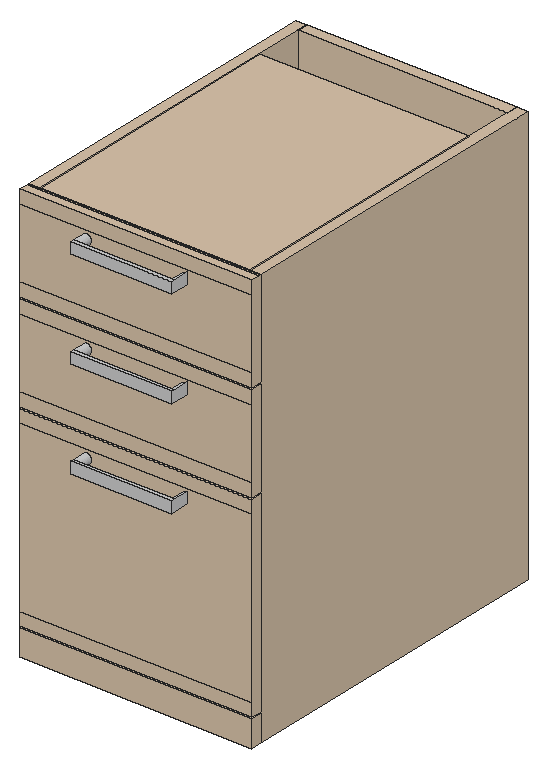
Revit family "Haworth_Masters_Pedestal", category Furniture Systems, Revit 2018
Family settings
  Round Connector Dimension = Use Diameter
  Part Type = Normal
  OmniClass Number = 23.40.70.14.64.21
  OmniClass Title = Systems Furniture
  Work Plane-Based = No
  Always vertical = Yes
  Cut with Voids When Loaded = No
  Shared = No
  Room Calculation Point = No
Parameters (values of type "Attached - Box/Box/File")
  Warranty = "http://www.haworth.com/resources/product-info/warranties"
  URL - Product = "http://www.haworth.com/products/desks/freestanding/masters-series"
  URL = "www.haworth.com"
  Top Drawer Location = if(Box Box File, 0", 0")  # 0"
  Sustainability Info = "http://www.haworth.com/company-info/sustainablility"
  Size = "Verify Final Dim. w/ Haworth"  # constant formula
  Side Panel Width = if(Attached, 3/4", Actual Width)  # 3/4"
  Side Panel Height = if(Mobile, 1 3/4", 0")  # 0"
  Revision Number = "3"  # constant formula
  Pull Finish = Haworth _ Metal _ Brushed Aluminum
  Model = "Haworth - Masters - Pedestal"  # constant formula
  Mobile = no
  Min. Height = 21 1/2"  # constant formula
  Min. Depth = 18"  # constant formula
  Max. Depth = 29"  # constant formula
  Max. Height = 28"  # constant formula
  Manufacturer = "Haworth"  # constant formula
  Linear Pull = no
  Letter Width = not(Legal Width)  # yes
  Legal Width = no
  Finished Back = no
  Finger Pull = not(or(Linear Pull, Bar Pull, Classic Pull))  # no
  File File Act = not(Box Box File Act)  # no
  File File = no
  Drawer Finish = Haworth _ Wood _ White Oak
  Drawer 3 Offset = 1/8"  # constant formula
  Top Drawer Height = if(or(Mobile, Box Box File), 6 7/16", Drawer 1 Height)  # 6 7/16"
  Drawer 1 Height = 13"  # constant formula
  Description = "Haworth - Masters - Pedestal"  # constant formula
  Depth = 21"
  Custom Size = not(or(and(or(Depth = 18", Depth = 23", Depth = 29"), Attached), (and(Mobile, Letter Width, Depth = 21"))))  # yes
  Classic Pull = yes
  Cabinet Finish = Haworth _ Wood _ White Oak
  Box File = Mobile  # no
  Box Box File Act = and(not(Box File), Box Box File)  # yes
  Box Box File = yes
  Base Clearance = if(Mobile, 1 7/8", 0")  # 0"
  Bar Pull Length = if(and(Legal Width, Attached), 10 9/16", 8 1/16")  # 8 1/16"
  Bar Pull = no
  Back Edge Of Top = if(Mobile, 3/4", 4")  # 4"
  Author = "SHAPE Environments, LLC"  # constant formula
  Attached = not(Mobile)  # yes
  Assembly Code = "E2020200"
  Actual Width = if(and(Legal Width, Attached), 18 3/4", 15 1/2")  # 15 1/2"
  Actual Height = if(Mobile, 21 1/2", 28")  # 28"
  Actual Depth = if(and(Attached, Legal Width, Depth = 29", Finished Back), 23 3/4", if(and(Attached, Legal Width, Depth = 29", not(Finished Back)), 23", if(and(Attached, Finished Back, Depth = 23"), 23 3/4", if(and(Attached, Finished Back, Depth = 18"), 18 3/4", if(and(Attached, Finished Back, Depth = 29", not(Legal Width)), 29 3/4", if(and(Attached, not(Finished Back), Depth = 29", not(Legal Width)), 29", if(and(Attached, not(Finished Back), Depth = 23"), 23", if(and(Attached, not(Finished Back), Depth = 18"), 18", if(and(Attached, Depth < 23"), 23", if(and(Attached, Depth > 29", not(Legal Width)), 29", 21"))))))))))  # 23"
  3 Drawers = Box Box File Act  # yes
  Standard Depths = "18, 21, 23, 29 in"  # constant formula
Types (3): name | Side Panel Width | Side Panel Height | Mobile | Letter Width | Legal Width | File File Act | File File | Top Drawer Height | Depth | Custom Size | Box File | Box Box File Act | Box Box File | Base Clearance | Back Edge Of Top | Attached | Actual Height | Actual Depth | 3 Drawers
  Mobile - Box/File | 15 1/2" | 1 3/4" | yes | no | yes | yes | no | 6 7/16" | 23" | yes | yes | no | no | 1 7/8" | 3/4" | no | 21 1/2" | 21" | no
  Attached - Box/Box/File | 3/4" | 0" | no | yes | no | no | no | 6 7/16" | 21" | yes | no | yes | yes | 0" | 4" | yes | 28" | 23" | yes
  Attached - File/File | 3/4" | 0" | no | yes | no | yes | yes | 13" | 23" | no | no | no | no | 0" | 4" | yes | 28" | 23" | no
Reference planes (in)
  plane 1 "Back": y = 0
  plane 2: z = 0
  plane 3 "Center L/R": x = 0
  plane 4 "Left": x = -7.75
  plane 5 "Right": x = 7.75
  plane 6 "Front": y = -23
  plane 7 "Back of Drawers": y = -22.25
  plane 8 "Base of Cabinet": z = 0
  plane 9 "Top": z = 28
  plane 10 "Bottom of Keyed": z = 26.625
  plane 11 "Back Caster": y = -1.75
  plane 12 "Left Caster": x = -5.5
  plane 13 "Right Caster": x = 5.5
  plane 14 "Front Caster": y = -20.5
  plane 15 "Center F/B": y = -11.5
  plane 16 "Tug Location": z = 27.3125
  plane 17 "Finished Back": y = 0.75
  plane 18 "BACK EDGE OF TOP": y = -4
  plane 19 "Left Side Panel": x = 7
  plane 20 "Back Panel Height": z = 19.375
  plane 21 "Side Panel Height": z = 0
  plane 22 "Right Side Panel Height": z = 0
  plane 23: x = 6.63028
  plane 24: x = -7
  plane 25: x = -7
  plane 26: y = -0.75
  plane 27: z = 1.75
  plane 28: z = 0.75
Forms (in)
  Extrusion 1, solid, material "Haworth _ Wood _ White Oak" <- "Cabinet Finish"
    sketch origin (0, 0, 0) x (1, 0, 0) y (0, 1, 0)
      loop
        line (-7.75, 0) -> (-7.75, -22.25) -> (-7, -22.25) -> (-7, 0) -> (-7.75, 0)
    from 0 to 28
  Extrusion 2, solid, material "Haworth _ Wood _ White Oak" <- "Cabinet Finish", visible <- "Attached"
    sketch origin (0, -16.25, 0) x (1, 0, 0) y (0, 1, 0)
      loop
        line (-7.75, -6) -> (-7.75, -6.75) -> (7.75, -6.75) -> (7.75, -6) -> (-7.75, -6)
    from 0 to 1.75
  Extrusion 3, solid, material "Haworth _ Wood _ White Oak" <- "Cabinet Finish", visible <- "Attached"
    sketch origin (14.75, 0, 0) x (1, 0, 0) y (0, 1, 0)
      loop
        line (-7.75, 0) -> (-7.75, -22.25) -> (-7, -22.25) -> (-7, 0) -> (-7.75, 0)
    from 0 to 28
  Extrusion 4, solid, material "Haworth _ Wood _ White Oak" <- "Cabinet Finish", visible <- "Attached"
    sketch origin (0, 0, 0) x (1, 0, 0) y (0, 1, 0)
      loop
        line (7, -4) -> (-7, -4) -> (-7, -22.25) -> (7, -22.25) -> (7, -4)
    from 27.3125 to 28
  Extrusion 5, solid, material "Haworth _ Wood _ White Oak" <- "Cabinet Finish", visible <- "Attached"
    sketch origin (0, 0, 0) x (1, 0, 0) y (0, 1, 0)
      loop
        line (7, 0) -> (-7, 0) -> (-7, -0.75) -> (7, -0.75) -> (7, 0)
    from 19.375 to 28
  Extrusion 6, solid, material "Haworth _ Wood _ White Oak" <- "Cabinet Finish", visible <- "Finished Back"
    sketch origin (0, 0, 0) x (1, 0, 0) y (0, 1, 0)
      loop
        line (-7.75, 0) -> (7.75, 0) -> (7.75, 0.75) -> (-7.75, 0.75) -> (-7.75, 0)
    from 0 to 28 <- "Actual Height"
  Extrusion 7, solid, material "Haworth _ Wood _ White Oak" <- "Cabinet Finish", visible <- "Attached"
    sketch origin (0, 0, -27.3125) x (1, 0, 0) y (0, 1, 0)
      loop
        line (7, 0) -> (-7, 0) -> (-7, -22.25) -> (7, -22.25) -> (7, 0)
    from 27.3125 to 28.03125
Lines and regions (in)
  Masking region 1
    outline origin (0, 0, 28) x (-1, 0, 0) y (0, -1, 0)
      loop
        line (-7.75, 0) -> (7.75, 0) -> (7.75, 23) -> (-7.75, 23) -> (-7.75, 0)
Dimensions and locks (in)
  equal spacing: plane 4 "Left", plane 3 "Center L/R", plane 5 "Right"
  "Actual Width": plane 4 "Left" to plane 5 "Right"
  "Actual Depth": plane 1 "Back" to plane 6 "Front"
  locked: plane 7 "Back of Drawers" to plane 6 "Front" at 0.75
  "Base Clearance": plane 8 "Base of Cabinet" to level
  "Actual Height": plane 9 "Top" to level
  locked: plane 9 "Top" to plane 10 "Bottom of Keyed" at 1.375
  locked: plane 1 "Back" to plane 11 "Back Caster" at 1.75
  locked: plane 4 "Left" to plane 12 "Left Caster" at 2.25
  locked: plane 13 "Right Caster" to plane 5 "Right" at 2.25
  locked: plane 14 "Front Caster" to plane 7 "Back of Drawers" at 1.75
  equal spacing: plane 1 "Back", plane 15 "Center F/B", plane 6 "Front"
  equal spacing: plane 9 "Top", plane 16 "Tug Location", plane 10 "Bottom of Keyed"
  locked: nested 5 to level at 1.875
  "Back Edge Of Top": plane 1 "Back" to plane 18 "BACK EDGE OF TOP"
  plane 20 "Back Panel Height" to plane 9 "Top" = 8 5/8"
  "Side Panel Height": plane 21 "Side Panel Height" to level
  "Side Panel Height": plane 22 "Right Side Panel Height" to level
  locked: nested 6 to nested 5 at 0.125
  "Side Panel Width": plane 4 "Left" to plane 24
  locked: plane 4 "Left" to Extrusion 4 sketch curve at 0.75
  locked: plane 4 "Left" to plane 25 at 0.75
  locked: plane 19 "Left Side Panel" to plane 5 "Right" at 0.75
  aligned and locked: plane 4 "Left" to Extrusion 1 sketch curve
  aligned and locked: plane 1 "Back" to Extrusion 1 sketch curve
  aligned and locked: plane 7 "Back of Drawers" to Extrusion 1 sketch curve
  aligned: plane 9 "Top" to Extrusion 1
  aligned: Extrusion 1 to plane 8 "Base of Cabinet"
  aligned and locked: plane 12 "Left Caster" to nested 1
  aligned and locked: nested 1 to plane 11 "Back Caster"
  aligned and locked: nested 2 to plane 13 "Right Caster"
  aligned and locked: plane 14 "Front Caster" to nested 4
  aligned and locked: plane 12 "Left Caster" to nested 3
  aligned and locked: nested 3 to plane 14 "Front Caster"
  aligned and locked: nested 4 to plane 13 "Right Caster"
  aligned and locked: plane 11 "Back Caster" to nested 2
  aligned: plane 8 "Base of Cabinet" to nested 5
  aligned and locked: nested 5 to plane 7 "Back of Drawers"
  aligned and locked: nested 6 to plane 7 "Back of Drawers"
  aligned and locked: plane 7 "Back of Drawers" to Extrusion 2
  aligned and locked: Extrusion 2 to plane 6 "Front"
  aligned: plane 8 "Base of Cabinet" to Extrusion 2
  aligned and locked: Extrusion 2 to plane 2
  aligned and locked: plane 5 "Right" to Extrusion 3 sketch curve
  aligned and locked: plane 9 "Top" to Extrusion 1
  aligned and locked: plane 9 "Top" to Extrusion 3
  aligned and locked: Extrusion 4 sketch curve to plane 18 "BACK EDGE OF TOP"
  aligned and locked: plane 7 "Back of Drawers" to Extrusion 4 sketch curve
  aligned: plane 9 "Top" to Extrusion 4
  aligned and locked: plane 1 "Back" to Extrusion 5 sketch curve
  aligned and locked: plane 9 "Top" to Extrusion 5
  aligned and locked: Extrusion 5 to plane 20 "Back Panel Height"
  aligned and locked: plane 21 "Side Panel Height" to Extrusion 1
  aligned and locked: plane 22 "Right Side Panel Height" to Extrusion 3
  aligned and locked: plane 1 "Back" to Extrusion 6 sketch curve
  aligned and locked: Extrusion 6 sketch curve to plane 17 "Finished Back"
  aligned and locked: Extrusion 6 sketch curve to plane 4 "Left"
  aligned and locked: Extrusion 6 sketch curve to plane 5 "Right"
  aligned and locked: nested 7 to plane 7 "Back of Drawers"
  aligned and locked: plane 9 "Top" to nested 7
  aligned and locked: plane 22 "Right Side Panel Height" to Extrusion 6
  aligned: plane 24 to Masking region 1
  aligned: Masking region 1 sketch curve to plane 4 "Left"
  aligned: Masking region 1 to plane 4 "Left"
  aligned: plane 12 "Left Caster" to Extrusion 1
  aligned and locked: plane 24 to Extrusion 1
  aligned: Extrusion 5 to plane 25
  aligned and locked: plane 19 "Left Side Panel" to Extrusion 4
  aligned: plane 19 "Left Side Panel" to Extrusion 5
  aligned and locked: Masking region 1 sketch curve to plane 5 "Right"
  aligned and locked: Extrusion 5 sketch curve to plane 25
  aligned and locked: plane 19 "Left Side Panel" to Extrusion 5 sketch curve
  aligned and locked: Extrusion 7 to plane 1 "Back"
  aligned and locked: Extrusion 7 to plane 24
  aligned and locked: plane 19 "Left Side Panel" to Extrusion 7
  aligned: Extrusion 7 to plane 6 "Front"
  aligned and locked: Extrusion 7 to plane 7 "Back of Drawers"
  aligned and locked: plane 9 "Top" to Extrusion 4
  aligned and locked: Extrusion 4 to plane 16 "Tug Location"
  aligned and locked: Extrusion 5 to plane 26
  aligned and locked: Extrusion 3 to plane 19 "Left Side Panel"
  aligned and locked: Extrusion 3 to plane 7 "Back of Drawers"
  aligned and locked: Extrusion 3 to plane 1 "Back"
  aligned and locked: plane 27 to Extrusion 2
  aligned and locked: Extrusion 2 to plane 5 "Right"
  aligned and locked: Extrusion 2 to plane 4 "Left"
  aligned and locked: plane 22 "Right Side Panel Height" to Extrusion 7
  aligned and locked: Extrusion 7 to nested 1
Automatic sketch dimensions
  plane 24 to Extrusion 1 sketch curve = 0"
  Masking region 1 sketch curve to plane 4 "Left" = 0"
  plane 1 "Back" to Masking region 1 sketch curve = 0"
  Masking region 1 sketch curve to plane 6 "Front" = 0"
  Extrusion 2 sketch curve to plane 4 "Left" = 0"
  Extrusion 2 sketch curve to plane 5 "Right" = 0"
  Extrusion 2 sketch curve to plane 6 "Front" = 0"
  plane 7 "Back of Drawers" to Extrusion 2 sketch curve = 0"
  Extrusion 3 sketch curve to plane 7 "Back of Drawers" = 0"
  Extrusion 3 sketch curve to plane 19 "Left Side Panel" = 0"
  Extrusion 3 sketch curve to plane 1 "Back" = 0"
  plane 19 "Left Side Panel" to Extrusion 4 sketch curve = 0"
  plane 1 "Back" to Extrusion 5 sketch curve = 3/4"
  plane 18 "BACK EDGE OF TOP" to Extrusion 7 sketch curve = 4"
  Extrusion 7 sketch curve to plane 24 = 0"
  Extrusion 7 sketch curve to plane 7 "Back of Drawers" = 0"
  plane 19 "Left Side Panel" to Extrusion 7 sketch curve = 0"
Nested families (in)
  nested 1: "Haworth_Caster" at (-5.5, -1.75, 0), visible <- "Mobile", type "Caster"
  nested 2: "Haworth_Caster" at (5.5, -1.75, 0) x (-1, 0, 0) z (0, 0, 1), visible <- "Mobile", type "Caster"
  nested 3: "Haworth_Caster" at (-5.5, -20.5, 0), visible <- "Mobile", type "Caster"
  nested 4: "Haworth_Caster" at (5.5, -20.5, 0) x (-1, 0, 0) z (0, 0, 1), visible <- "Mobile", type "Caster"
  nested 5: "Haworth_Masters_Drawer" at (0, -21.98787, 1.875), Drawer Height <- "Drawer 1 Height", Finger Pull Top <- "Finger Pull", type "Haworth_Drawer"
    with Finger Pull Top Distance 0", Finger Pull Top no, Finger Pull Side Distance 3/4", Finger Pull Bottom Distance 0", Finger Pull Bottom no, Drawer Height 13", Bottom Finger Pull Side Distance 3/4", Pull Linear no, Pull Bar no
  nested 6: "Haworth_Masters_Drawer" at (0, -21.98787, 15), visible <- "3 Drawers", Finger Pull Bottom <- "Finger Pull", type "Haworth_Drawer"
    with Finger Pull Top Distance 0", Finger Pull Top no, Finger Pull Side Distance 3/4", Finger Pull Bottom Distance 0", Finger Pull Bottom no, Drawer Height 6 7/16", Bottom Finger Pull Side Distance 3/4", Pull Linear no, Pull Bar no
  nested 7: "Haworth_Masters_Drawer" at (0, -21.98787, 21.5625), Drawer Height <- "Top Drawer Height", Finger Pull Bottom <- "Finger Pull", type "Haworth_Drawer"
    with Finger Pull Top Distance 0", Finger Pull Top no, Finger Pull Side Distance 3/4", Finger Pull Bottom Distance 0", Finger Pull Bottom no, Drawer Height 6 7/16", Bottom Finger Pull Side Distance 3/4", Pull Linear no, Pull Bar no
Definition of nested family "Haworth_Caster"
  Parameters
    Radius = 23/32"
    Height = 1 7/8"
    Center Radius = Radius - 1/8"  # 19/32"
    Assembly Code = ""
  Reference planes (in)
    plane 1 "Center (Front/Back)": y = 0
    plane 2: z = 0
    plane 3 "Center (Left/Right)": x = 0
  Forms (in)
    Extrusion 1, solid
      sketch origin (0, 0, -0.02118) x (0, 1, 0) y (0, 0, 1)
        loop
          circle (-0.48695, 0.73993) r 0.71875
      from 0.875 to 0.3125
    Extrusion 2, solid
      sketch origin (0, 0, -0.02118) x (0, 1, 0) y (0, 0, 1)
        loop
          circle (-0.48695, 0.73993) r 0.71875
      from -0.875 to -0.3125
    Extrusion 3, solid
      sketch origin (0, 0, 0) x (0, 1, 0) y (0, 0, 1)
        loop
          circle (-0.48695, 0.71875) r 0.59375
      from -0.3125 to 0.3125
    Extrusion 4, solid
      sketch origin (0, 0, 0) x (1, 0, 0) y (0, 1, 0)
        loop
          circle (0, 0) r 0.25
      from 0.71875 to 1.875
  Cuts and joins
    joined: Extrusion 3, Extrusion 4
  Dimensions and locks (in)
    plane 3 "Center (Left/Right)" to Extrusion 2 = 5/16"
    Extrusion 1 to plane 3 "Center (Left/Right)" = 7/8"
    "Height": cut or joined group of Extrusion 3, Extrusion 4 to level
    "Radius": Extrusion 1 sketch curve to level
    "Radius": Extrusion 2 sketch curve to level
    "Radius": Extrusion 3 sketch curve to level
    "Radius": cut or joined group of Extrusion 3, Extrusion 4 to level
    "Radius": radius of Extrusion 2 sketch curve
    "Radius": radius of Extrusion 1 sketch curve
    "Center Radius": radius of Extrusion 3 sketch curve
  Automatic sketch dimensions
    plane 1 "Center (Front/Back)" to Extrusion 1 sketch curve = 0.48695"
    plane 1 "Center (Front/Back)" to Extrusion 2 sketch curve = 0.48695"
    plane 1 "Center (Front/Back)" to Extrusion 3 sketch curve = 0.48695"
    plane 1 "Center (Front/Back)" to Extrusion 4 sketch curve = 0"
    Extrusion 4 sketch curve to plane 3 "Center (Left/Right)" = 0"
    radius of Extrusion 4 sketch curve = 1/4"
Definition of nested family "Haworth_Masters_Drawer"
  Parameters
    Pull Linear = yes
    Pull Height = 1 7/16"
    Pull Finish = none
    Pull Bar = yes
    Pull Classic = yes
    Front Finish = none
    Finger Pull Top Distance [instance] = if(Finger Pull Top, 7/8", 0")  # 7/8"
    Finger Pull Top [instance] = yes
    Finger Pull Side Distance [instance] = if(Finger Pull Top, 1/8", 3/4")  # 1/8"
    Finger Pull Bottom Distance [instance] = if(Finger Pull Bottom, 7/8", 0")  # 7/8"
    Finger Pull Bottom [instance] = yes
    Drawer Width = 15 1/2"
    Drawer Height [instance] = 12"
    Drawer Finish = none
    Classic Pull Length = 6 3/4"
    Bottom Finger Pull Side Distance [instance] = if(Finger Pull Bottom, 1/8", 3/4")  # 1/8"
    Bar Pull Length = 8 1/16"
    Assembly Code = ""
  Reference planes (in)
    plane 1 "Drawer Back": y = -0.26213
    plane 2: z = 0
    plane 3 "Center L/R": x = 0
    plane 4 "Drawer Front": y = -1.01213
    plane 5 "Left": x = -7.75
    plane 6 "Right": x = 7.75
    plane 7 "Top": z = 12
    plane 8 "Integral Top": z = 10.28125
    plane 9 "Pull Location": z = 10.5625
    plane 10 "Integral Bottom": z = 10.84375
    plane 11: z = 10.75
    plane 12: z = 11.3125
    plane 13: x = 7.75
    plane 14: y = -0.375
    plane 15 "Top Finger Pull Side Offset": y = -0.38713
    plane 16 "Finger Pull Top Offset": z = 11.125
    plane 17 "Bottom Finger Pull Side Offset": y = -0.38713
    plane 18 "Finger Pull Bottom Offset": z = 0.875
    plane 19: z = 0.875
    plane 20: y = -0.38713
    plane 21: z = 11.125
  Forms (in)
    Extrusion 1, solid, material <- "Drawer Finish"
      sketch origin (-7.75, 0, 2.25) x (0, 1, 0) y (0, 0, 1)
        loop
          line (-0.26213, 9.75) -> (-0.38713, 9.75) -> (-0.38713, 8.875) -> (-1.01213, 8.875) -> (-1.01213, -1.375) -> (-0.38713, -1.375) -> (-0.38713, -2.25) -> (-0.26213, -2.25) -> (-0.26213, 9.75)
      from 0 to 15.5
  Dimensions and locks (in)
    equal spacing: plane 5 "Left", plane 3 "Center L/R", plane 6 "Right"
    "Drawer Width": plane 5 "Left" to plane 6 "Right"
    locked: plane 1 "Drawer Back" to plane 4 "Drawer Front" at 0.75
    "Drawer Height": plane 7 "Top" to level
    "Pull Height": plane 7 "Top" to plane 9 "Pull Location"
    equal spacing: plane 10 "Integral Bottom", plane 9 "Pull Location", plane 8 "Integral Top"
    locked: plane 10 "Integral Bottom" to plane 8 "Integral Top" at 0.5625
    plane 7 "Top" to plane 12 to plane 11 = 11/16" locked, 9/16" locked
    "Finger Pull Top Distance": plane 7 "Top" to plane 16 "Finger Pull Top Offset"
    "Finger Pull Side Distance": plane 1 "Drawer Back" to plane 15 "Top Finger Pull Side Offset"
    locked: plane 19 to level at 0.875
    "Bottom Finger Pull Side Distance": plane 1 "Drawer Back" to plane 17 "Bottom Finger Pull Side Offset"
    "Finger Pull Bottom Distance": plane 18 "Finger Pull Bottom Offset" to level
    plane 1 "Drawer Back" to Extrusion 1 = 3/4"
    locked: plane 1 "Drawer Back" to plane 20 at 0.125
    locked: plane 7 "Top" to plane 21 at 0.875
    aligned and locked: Extrusion 1 to plane 6 "Right"
    aligned and locked: plane 1 "Drawer Back" to Extrusion 1 sketch curve
    aligned and locked: plane 7 "Top" to Extrusion 1 sketch curve
    aligned: plane 7 "Top" to nested 1
    aligned and locked: nested 1 to plane 4 "Drawer Front"
    aligned and locked: nested 1 to plane 9 "Pull Location"
    aligned and locked: plane 3 "Center L/R" to nested 1
    aligned and locked: plane 16 "Finger Pull Top Offset" to Extrusion 1 sketch curve
    aligned and locked: plane 15 "Top Finger Pull Side Offset" to Extrusion 1 sketch curve
    aligned and locked: plane 18 "Finger Pull Bottom Offset" to Extrusion 1 sketch curve
    aligned and locked: plane 17 "Bottom Finger Pull Side Offset" to Extrusion 1 sketch curve
    aligned and locked: plane 20 to Extrusion 1 sketch curve  (x2)
    aligned and locked: plane 19 to Extrusion 1 sketch curve
    aligned and locked: plane 21 to Extrusion 1 sketch curve
  Automatic sketch dimensions
    Extrusion 1 sketch curve to plane 4 "Drawer Front" = 0"
    Extrusion 1 sketch curve to level = 0"
  Nested families (in)
    nested 1: "Haworth_Drawer-Pulls" at (0, -1.01213, 10.5625), type "Pull", detail levels medium+fine
      with Linear yes, Classic Pull Length 6 3/4", Classic yes, Bar Pull Length 8 1/16", Bar Pull yes
  Definition of nested family "Haworth_Drawer-Pulls"
    Parameters
      Linear = no
      Handle Finish = none
      Classic Pull Length = 7 1/16"
      Classic = no
      Bar Pull Length = 10"
      Bar Pull = no
      Assembly Code = ""
    Reference planes (in)
      plane 1 "Center Front/Back": y = 0
      plane 2: z = 0
      plane 3 "Center Left/Right": x = 0
      plane 4: x = -5
      plane 5: x = 5
      plane 6 "left classic": x = -3.53125
      plane 7 "right classic": x = 3.53125
      plane 8: x = 4.125
      plane 9: x = -4.125
      plane 10: x = -4
      plane 11: x = 4
    Forms (in)
      Extrusion 1, solid, material <- "Handle Finish", visible <- "Linear"
        sketch origin (0, 0, 0.125) x (1, 0, 0) y (0, 1, 0)
          loop
            line (-4, 0) -> (-4, -1.25) -> (4, -1.25) -> (4, 0) -> (3, 0) -> (3, -1) -> (-3, -1) -> (-3, 0) -> (-4, 0)
        from 0 to -0.25
      Extrusion 2, solid, material <- "Handle Finish", visible <- "Classic"
        sketch origin (0, 0, 0.375) x (1, 0, 0) y (0, 0, 1)
          loop
            line (-3.53125, 0) -> (-3.53125, -0.75)
            arc (-3.53125, -0.75) -> (-3.15625, -0.375) -> (-3.53125, 0) r 0.375
        from 0 to 1
      Extrusion 3, solid, material <- "Handle Finish", visible <- "Classic"
        sketch origin (0, 0, 0.375) x (-1, 0, 0) y (0, 0, -1)
          loop
            arc (-3.53125, 0.00132) -> (-3.15757, 0.375) -> (-3.53125, 0.74868) r 0.37368
            line (-3.53125, 0.74868) -> (-3.53125, 0.00132)
        from 0 to 1
      Extrusion 4, solid, material <- "Handle Finish", visible <- "Classic"
        sketch origin (0, 0, 0.375) x (1, 0, 0) y (0, 0, 1)
          loop
            line (-3.53125, 0) -> (-3.53125, -0.75) -> (3.53125, -0.75) -> (3.53125, 0) -> (-3.53125, 0)
        from 1 to 1.25
      Extrusion 5, solid, material <- "Handle Finish", visible <- "Bar Pull"
        sketch origin (3.78314, -0.03024, -1.5) x (1, 0, 0) y (0, 0, 1)
          loop
            circle (0.34186, 1.5) r 0.1875
        from 0 to 1.21976
      Extrusion 6, solid, material <- "Handle Finish", visible <- "Bar Pull"
        sketch origin (0, 0.03125, 0) x (0, 1, 0) y (0, 0, 1)
          loop
            circle (-1.25, 0) r 0.25
        from -5 to 5
      Extrusion 7, solid, material <- "Handle Finish", visible <- "Bar Pull"
        sketch origin (-1.21686, -0.03024, -1.5) x (1, 0, 0) y (0, 0, 1)
          loop
            circle (-2.90814, 1.5) r 0.1875
        from 0 to 1.21976
    Cuts and joins
      joined: Extrusion 2, Extrusion 3, Extrusion 4
      joined: Extrusion 5, Extrusion 6, Extrusion 7
    Dimensions and locks (in)
      equal spacing: plane 5, plane 3 "Center Left/Right", plane 4
      "Bar Pull Length": plane 5 to plane 4
      equal spacing: plane 6 "left classic", plane 3 "Center Left/Right", plane 7 "right classic"
      "Classic Pull Length": plane 6 "left classic" to plane 7 "right classic"
      locked: plane 5 to plane 8 at 0.875
      locked: plane 9 to plane 4 at 0.875
      equal spacing: plane 10, plane 3 "Center Left/Right", plane 11
      plane 10 to plane 11 = 8"
      locked: Extrusion 1 sketch curve to Extrusion 1 sketch curve at 1  (x2)
      aligned and locked: plane 5 to Extrusion 6
      aligned and locked: Extrusion 6 to plane 4
      aligned and locked: plane 6 "left classic" to Extrusion 4 sketch curve
      aligned and locked: plane 7 "right classic" to Extrusion 4 sketch curve
      aligned and locked: plane 7 "right classic" to Extrusion 3 sketch curve
      aligned and locked: Extrusion 2 sketch curve to plane 6 "left classic"
      aligned and locked: plane 8 to Extrusion 5 sketch curve
      aligned and locked: plane 9 to Extrusion 7 sketch curve
      aligned and locked: plane 10 to Extrusion 1 sketch curve
      aligned and locked: Extrusion 1 sketch curve to plane 11
    Automatic sketch dimensions
      Extrusion 2 sketch curve to level = 0"
      Extrusion 2 sketch curve to level = 3/8"
      Extrusion 3 sketch curve to level = 0"
      level to Extrusion 3 sketch curve = 0.37368"
      Extrusion 4 sketch curve to level = 3/8"
      level to Extrusion 4 sketch curve = 3/8"
      level to Extrusion 5 sketch curve = 0"
      level to Extrusion 6 sketch curve = 0"
      plane 1 "Center Front/Back" to Extrusion 6 sketch curve = 1 7/32"
      level to Extrusion 7 sketch curve = 0"
      plane 1 "Center Front/Back" to Extrusion 1 sketch curve = 0"  (x2)
      plane 1 "Center Front/Back" to Extrusion 1 sketch curve = 1"
      Extrusion 1 sketch curve to Extrusion 1 sketch curve = 1/4"
      radius of Extrusion 5 sketch curve = 3/16"
      radius of Extrusion 6 sketch curve = 1/4"
      radius of Extrusion 7 sketch curve = 3/16"
